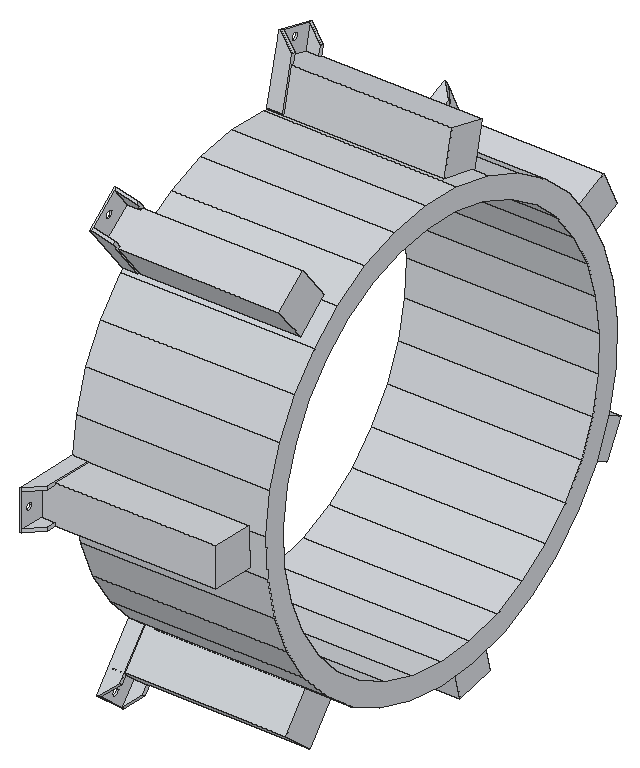
Revit family "HP400R", category Pipe Accessories, Revit 2021
Family settings
  Round Connector Dimension = Use Diameter
  Part Type = Breaks Into
  Work Plane-Based = No
  Always vertical = No
  Cut with Voids When Loaded = No
  Shared = No
Parameters
  URL = "https://www.snapcollars.com.au/"
  Model = "HP400R"
  Manufacturer = "Snap Fire Systems"
  Description = "The HP400R is a metal, retro-fit fire collar for concrete floor slabs and fire rated plasterboard, masonry and concrete walls."
  Default Elevation = 0 mm
Reference planes
  plane 1 "Center (Front/Back)": y = 0
  plane 2: z = 0
  plane 3 "Center (Left/Right)": x = -139.129
  plane 4: x = -230
  plane 5: x = -208.636
  plane 6: x = -210
Forms (mm)
  Extrusion 1, solid, material "PVC-White", not visible, detail levels fine
    sketch origin (0, 0, 0) x (1, 0, 0) y (0, 0, 1)
      loop
        line (-80, 60.418) -> (-227.967, 86.048) -> (-227.967, 69.12) -> (-80, 60.418)
    from -1.5 to 1.5
  Extrusion 2, solid, material "PVC-White", not visible, detail levels fine
    sketch origin (0, 0, 0) x (1, 0, 0) y (0, -0.5, 0.866025)
      loop
        line (-80, 60.418) -> (-227.967, 86.048) -> (-227.967, 69.12) -> (-80, 60.418)
    from -1.5 to 1.5
  Extrusion 3, solid, material "PVC-White", not visible, detail levels fine
    sketch origin (0, 0, 0) x (1, 0, 0) y (0, -0.866025, 0.5)
      loop
        line (-80, 60.418) -> (-227.967, 86.048) -> (-227.967, 69.12) -> (-80, 60.418)
    from -1.5 to 1.5
  Extrusion 4, solid, material "PVC-White", not visible, detail levels fine
    sketch origin (0, 0, 0) x (0, -1, 0) y (-1, 0, 0)
      loop
        line (60.418, 80) -> (86.048, 227.967) -> (69.12, 227.967) -> (60.418, 80)
    from -1.5 to 1.5
  Extrusion 5, solid, material "PVC-White", not visible, detail levels fine
    sketch origin (0, 0, 0) x (1, 0, 0) y (0, -0.866025, -0.5)
      loop
        line (-80, 60.418) -> (-227.967, 86.048) -> (-227.967, 69.12) -> (-80, 60.418)
    from -1.5 to 1.5
  Extrusion 6, solid, material "PVC-White", not visible, detail levels fine
    sketch origin (0, 0, 0) x (1, 0, 0) y (0, -0.5, -0.866025)
      loop
        line (-80, 60.418) -> (-227.967, 86.048) -> (-227.967, 69.12) -> (-80, 60.418)
    from -1.5 to 1.5
  Extrusion 7, solid, material "PVC-White", not visible, detail levels fine
    sketch origin (0, 0, 0) x (1, 0, 0) y (0, 0, -1)
      loop
        line (-80, 60.418) -> (-227.967, 86.048) -> (-227.967, 69.12) -> (-80, 60.418)
    from -1.5 to 1.5
  Extrusion 8, solid, material "PVC-White", not visible, detail levels fine
    sketch origin (0, 0, 0) x (1, 0, 0) y (0, 0.5, -0.866025)
      loop
        line (-80, 60.418) -> (-227.967, 86.048) -> (-227.967, 69.12) -> (-80, 60.418)
    from -1.5 to 1.5
  Extrusion 9, solid, material "PVC-White", not visible, detail levels fine
    sketch origin (0, 0, 0) x (1, 0, 0) y (0, 0.866025, -0.5)
      loop
        line (-80, 60.418) -> (-227.967, 86.048) -> (-227.967, 69.12) -> (-80, 60.418)
    from -1.5 to 1.5
  Extrusion 10, solid, material "PVC-White", not visible, detail levels fine
    sketch origin (0, 0, 0) x (1, 0, 0) y (0, 1, 0)
      loop
        line (-80, 60.418) -> (-227.967, 86.048) -> (-227.967, 69.12) -> (-80, 60.418)
    from -1.5 to 1.5
  Extrusion 11, solid, material "PVC-White", not visible, detail levels fine
    sketch origin (0, 0, 0) x (1, 0, 0) y (0, 0.866025, 0.5)
      loop
        line (-80, 60.418) -> (-227.967, 86.048) -> (-227.967, 69.12) -> (-80, 60.418)
    from -1.5 to 1.5
  Extrusion 12, solid, material "PVC-White", not visible, detail levels fine
    sketch origin (0, 0, 0) x (1, 0, 0) y (0, 0.5, 0.866025)
      loop
        line (-80, 60.418) -> (-227.967, 86.048) -> (-227.967, 69.12) -> (-80, 60.418)
    from -1.5 to 1.5
  Extrusion 13, solid
    sketch origin (-230, 2000, 1200) x (0, 1, 0) y (0, 0, 1)
      loop
        line (-2020.546, -971.714) -> (-2060.978, -979.052) -> (-2099.45, -993.49) -> (-2134.725, -1014.567) -> (-2165.671, -1041.603) -> (-2191.291, -1073.73) -> (-2210.763, -1109.915) -> (-2223.462, -1148.996) -> (-2228.978, -1189.717) -> (-2227.134, -1230.767) -> (-2217.99, -1270.829) -> (-2201.84, -1308.615) -> (-2179.202, -1342.909) -> (-2150.805, -1372.61) -> (-2117.561, -1396.764) -> (-2080.538, -1414.593) -> (-2040.927, -1425.525) -> (-2000, -1429.208) -> (-1959.073, -1425.525) -> (-1919.462, -1414.593) -> (-1882.439, -1396.764) -> (-1849.195, -1372.61) -> (-1820.798, -1342.909) -> (-1798.16, -1308.615) -> (-1782.01, -1270.829) -> (-1772.866, -1230.767) -> (-1771.022, -1189.717) -> (-1776.538, -1148.996) -> (-1789.237, -1109.915) -> (-1808.709, -1073.73) -> (-1834.329, -1041.603) -> (-1865.275, -1014.567) -> (-1900.55, -993.49) -> (-1939.022, -979.052) -> (-1979.454, -971.714) -> (-2020.546, -971.714)
      loop
        line (-2018.553, -993.863) -> (-2055.062, -1000.489) -> (-2089.801, -1013.527) -> (-2121.654, -1032.558) -> (-2149.597, -1056.971) -> (-2172.732, -1085.981) -> (-2190.315, -1118.656) -> (-2201.781, -1153.945) -> (-2206.762, -1190.714) -> (-2205.097, -1227.782) -> (-2196.84, -1263.957) -> (-2182.257, -1298.077) -> (-2161.816, -1329.044) -> (-2136.174, -1355.863) -> (-2106.155, -1377.673) -> (-2072.724, -1393.772) -> (-2036.956, -1403.644) -> (-2000, -1406.97) -> (-1963.044, -1403.644) -> (-1927.276, -1393.772) -> (-1893.845, -1377.673) -> (-1863.826, -1355.863) -> (-1838.184, -1329.044) -> (-1817.743, -1298.077) -> (-1803.16, -1263.957) -> (-1794.903, -1227.782) -> (-1793.238, -1190.714) -> (-1798.219, -1153.945) -> (-1809.685, -1118.656) -> (-1827.268, -1085.981) -> (-1850.403, -1056.971) -> (-1878.346, -1032.558) -> (-1910.199, -1013.527) -> (-1944.938, -1000.489) -> (-1981.447, -993.863) -> (-2018.553, -993.863)
    from 0 to 202
  Extrusion 14, solid, not visible
    sketch origin (-230, 23.225, 34.758) x (0, -0.92388, 0.382683) y (1, 0, 0)
      loop
        line (16.311, 91) -> (0, 91) -> (0, 65) -> (16.311, 65) -> (16.311, 91)
    from 0 to 3
  Extrusion 15, solid, not visible
    sketch origin (-230, 24.373, 37.53) x (0, -0.92388, 0.382683) y (1, 0, 0)
      loop
        line (16.311, 91) -> (0, 91) -> (0, 88) -> (16.311, 88) -> (16.311, 91)
    from 0 to 21
  Extrusion 16, solid, not visible
    sketch origin (-230, 29.556, 29.418) x (0, -0.828512, 0.559971) y (1, 0, 0)
      loop
        line (16.311, 91) -> (0, 91) -> (0, 65) -> (16.311, 65) -> (16.311, 91)
    from 0 to 3
  Extrusion 17, solid, not visible
    sketch origin (-230, 31.236, 31.904) x (0, -0.828512, 0.559971) y (1, 0, 0)
      loop
        line (16.311, 91) -> (0, 91) -> (0, 88) -> (16.311, 88) -> (16.311, 91)
    from 0 to 21
  Extrusion 18, solid, not visible
    sketch origin (-230, -15.852, 38.571) x (0, -0.83464, -0.550797) y (1, 0, 0)
      loop
        line (16.311, 91) -> (0, 91) -> (0, 65) -> (16.311, 65) -> (16.311, 91)
    from 0 to 3
  Extrusion 19, solid, not visible
    sketch origin (-230, -17.504, 41.075) x (0, -0.83464, -0.550797) y (1, 0, 0)
      loop
        line (16.311, 91) -> (0, 91) -> (0, 88) -> (16.311, 88) -> (16.311, 91)
    from 0 to 21
  Extrusion 20, solid, not visible
    sketch origin (-230, 29.261, -29.712) x (0, 0.564361, 0.825528) y (1, 0, 0)
      loop
        line (16.311, 91) -> (0, 91) -> (0, 65) -> (16.311, 65) -> (16.311, 91)
    from 0 to 3
  Extrusion 21, solid, not visible
    sketch origin (-230, 31.738, -31.405) x (0, 0.564361, 0.825528) y (1, 0, 0)
      loop
        line (16.311, 91) -> (0, 91) -> (0, 88) -> (16.311, 88) -> (16.311, 91)
    from 0 to 21
  Extrusion 22, solid, not visible
    sketch origin (-230, -38.657, -15.64) x (0, 0.54621, -0.837649) y (1, 0, 0)
      loop
        line (16.311, 91) -> (0, 91) -> (0, 65) -> (16.311, 65) -> (16.311, 91)
    from 0 to 3
  Extrusion 23, solid, not visible
    sketch origin (-230, -41.17, -17.279) x (0, 0.54621, -0.837649) y (1, 0, 0)
      loop
        line (16.311, 91) -> (0, 91) -> (0, 88) -> (16.311, 88) -> (16.311, 91)
    from 0 to 21
  Extrusion 24, solid
    sketch origin (0, -210.856, -5.267) x (0, -1, 0) y (-1, 0, 0)
      loop
        line (17.886, 213.793) -> (70.117, 213.793) -> (86.118, 228.024) -> (86.118, 230) -> (78, 230) -> (17.886, 230) -> (17.886, 213.793)
    from -21 to 21
  Extrusion 25, void
    sketch origin (-228.024, -301.829, -5.267) x (0, 1, 0) y (0, 0, 1)
      loop
        circle (14, 0) r 4
    from -10.829 to 2.558
  Extrusion 26, solid, not visible
    sketch origin (0, 0, 41.882) x (1, 0, 0) y (0, 0, 1)
      loop
        line (-201.343, 54.118) -> (-201.343, 56.118) -> (-228.024, 56.118) -> (-228.024, 86.118) -> (-230, 86.118) -> (-230, 78) -> (-230, 54.118) -> (-201.343, 54.118)
    from -8 to 8
  Extrusion 27, void, not visible
    sketch origin (-228.024, 0, 132.882) x (0, 0, -1) y (0, 1, 0)
      loop
        circle (14, 0) r 4
    from -10.829 to 2.558
  Extrusion 28, solid
    sketch origin (0, -201.733, -5.267) x (0, -1, 0) y (-1, 0, 0)
      loop
        line (22.456, 46) -> (70, 46) -> (70, 230) -> (22.456, 230) -> (22.456, 46)
    from -20 to 20
  Extrusion 29, solid, not visible
    sketch origin (0, 46.803, 60.995) x (1, 0, 0) y (0, 0.608761, 0.793353)
      loop
        line (-201.343, 54.118) -> (-201.343, 56.118) -> (-228.024, 56.118) -> (-228.024, 86.118) -> (-230, 86.118) -> (-230, 78) -> (-230, 54.118) -> (-201.343, 54.118)
    from -8 to 8
  Extrusion 30, solid, not visible
    sketch origin (0, 37.134, 48.395) x (1, 0, 0) y (0, 0.608761, 0.793353)
      loop
        line (-168, 41) -> (-168, 70) -> (-230, 70) -> (-230, 41) -> (-168, 41)
    from -8.715 to 8.715
  Extrusion 31, solid, not visible
    sketch origin (0, 145.373, 152.821) x (1, 0, 0) y (0, 0.707107, 0.707107)
      loop
        line (-213.793, 17.886) -> (-213.793, 70.117) -> (-228.024, 86.118) -> (-230, 86.118) -> (-230, 78) -> (-230, 17.886) -> (-213.793, 17.886)
    from -21 to 21
  Extrusion 32, void, not visible
    sketch origin (-228.024, 209.701, 217.149) x (0, -0.707107, -0.707107) y (0, 0.707107, -0.707107)
      loop
        circle (14, 0) r 4
    from -10.829 to 2.558
  Extrusion 33, solid, not visible
    sketch origin (0, 138.923, 146.371) x (1, 0, 0) y (0, 0.707107, 0.707107)
      loop
        line (-46, 22.456) -> (-46, 70) -> (-230, 70) -> (-230, 22.456) -> (-46, 22.456)
    from -20 to 20
  Extrusion 34, solid
    sketch origin (0, -127.335, -168.148) x (1, 0, 0) y (0, -0.623425, -0.781883)
      loop
        line (-213.793, 17.886) -> (-213.793, 70.117) -> (-228.024, 86.118) -> (-230, 86.118) -> (-230, 78) -> (-230, 17.886) -> (-213.793, 17.886)
    from -21 to 21
  Extrusion 35, void
    sketch origin (-228.024, -184.05, -239.278) x (0, 0.623425, 0.781883) y (0, -0.781883, 0.623425)
      loop
        circle (14, 0) r 4
    from -10.829 to 2.558
  Extrusion 36, solid
    sketch origin (0, -121.648, -161.015) x (1, 0, 0) y (0, -0.623425, -0.781883)
      loop
        line (-46, 22.456) -> (-46, 70) -> (-230, 70) -> (-230, 22.456) -> (-46, 22.456)
    from -20 to 20
  Extrusion 37, solid
    sketch origin (0, 52.088, -204.389) x (1, 0, 0) y (0, 0.222683, -0.974891)
      loop
        line (-213.793, 17.886) -> (-213.793, 70.117) -> (-228.024, 86.118) -> (-230, 86.118) -> (-230, 78) -> (-230, 17.886) -> (-213.793, 17.886)
    from -21 to 21
  Extrusion 38, void
    sketch origin (-228.024, 72.346, -293.077) x (0, -0.222683, 0.974891) y (0, -0.974891, -0.222683)
      loop
        circle (14, 0) r 4
    from -10.829 to 2.558
  Extrusion 39, solid
    sketch origin (0, 50.057, -195.495) x (1, 0, 0) y (0, 0.222683, -0.974891)
      loop
        line (-46, 22.456) -> (-46, 70) -> (-230, 70) -> (-230, 22.456) -> (-46, 22.456)
    from -20 to 20
  Extrusion 40, solid
    sketch origin (0, 192.281, -86.694) x (1, 0, 0) y (0, 0.901077, -0.433659)
      loop
        line (-213.793, 17.886) -> (-213.793, 70.117) -> (-228.024, 86.118) -> (-230, 86.118) -> (-230, 78) -> (-230, 17.886) -> (-213.793, 17.886)
    from -21 to 21
  Extrusion 41, void
    sketch origin (-228.024, 274.255, -126.145) x (0, -0.901077, 0.433659) y (0, -0.433659, -0.901077)
      loop
        circle (14, 0) r 4
    from -10.829 to 2.558
  Extrusion 42, solid
    sketch origin (0, 184.061, -82.738) x (1, 0, 0) y (0, 0.901077, -0.433659)
      loop
        line (-46, 22.456) -> (-46, 70) -> (-230, 70) -> (-230, 22.456) -> (-46, 22.456)
    from -20 to 20
  Extrusion 43, solid
    sketch origin (0, 187.657, 96.294) x (1, 0, 0) y (0, 0.900825, 0.434183)
      loop
        line (-213.793, 17.886) -> (-213.793, 70.117) -> (-228.024, 86.118) -> (-230, 86.118) -> (-230, 78) -> (-230, 17.886) -> (-213.793, 17.886)
    from -21 to 21
  Extrusion 44, void
    sketch origin (-228.024, 269.608, 135.793) x (0, -0.900825, -0.434183) y (0, 0.434183, -0.900825)
      loop
        circle (14, 0) r 4
    from -10.829 to 2.558
  Extrusion 45, solid
    sketch origin (0, 179.44, 92.333) x (1, 0, 0) y (0, 0.900825, 0.434183)
      loop
        line (-46, 22.456) -> (-46, 70) -> (-230, 70) -> (-230, 22.456) -> (-46, 22.456)
    from -20 to 20
  Extrusion 46, void
    sketch origin (-230, -271.733, -5.267) x (-1, 0, 0) y (0, 0, 1)
      loop
        line (-39.858, -17.274) -> (-1.967, -17.274) -> (-1.967, 17.764) -> (-39.858, 17.764) -> (-39.858, -17.274)
    from -51.258 to 0
  Extrusion 47, void, not visible
    sketch origin (-230, 188.42, 195.868) x (-1, 0, 0) y (0, 0.707107, -0.707107)
      loop
        line (-39.858, -17.274) -> (-1.967, -17.274) -> (-1.967, 17.764) -> (-39.858, 17.764) -> (-39.858, -17.274)
    from -51.258 to 0
  Extrusion 48, void
    sketch origin (-230, -165.287, -215.747) x (-1, 0, 0) y (0, -0.781883, 0.623425)
      loop
        line (-39.858, -17.274) -> (-1.967, -17.274) -> (-1.967, 17.764) -> (-39.858, 17.764) -> (-39.858, -17.274)
    from -51.258 to 0
  Extrusion 49, void
    sketch origin (-230, 65.645, -263.737) x (-1, 0, 0) y (0, -0.974891, -0.222683)
      loop
        line (-39.858, -17.274) -> (-1.967, -17.274) -> (-1.967, 17.764) -> (-39.858, 17.764) -> (-39.858, -17.274)
    from -51.258 to 0
  Extrusion 50, void
    sketch origin (-230, 247.136, -113.094) x (-1, 0, 0) y (0, -0.433659, -0.901077)
      loop
        line (-39.858, -17.274) -> (-1.967, -17.274) -> (-1.967, 17.764) -> (-39.858, 17.764) -> (-39.858, -17.274)
    from -51.258 to 0
  Extrusion 51, void
    sketch origin (-230, 242.497, 122.726) x (-1, 0, 0) y (0, 0.434183, -0.900825)
      loop
        line (-39.858, -17.274) -> (-1.967, -17.274) -> (-1.967, 17.764) -> (-39.858, 17.764) -> (-39.858, -17.274)
    from -51.258 to 0
  Extrusion 52, solid
    sketch origin (0, 41.699, 206.758) x (1, 0, 0) y (0, 0.222116, 0.97502)
      loop
        line (-213.793, 17.886) -> (-213.793, 70.117) -> (-228.024, 86.118) -> (-230, 86.118) -> (-230, 78) -> (-230, 17.886) -> (-213.793, 17.886)
    from -21 to 21
  Extrusion 53, void
    sketch origin (-228.024, 61.906, 295.459) x (0, -0.222116, -0.97502) y (0, 0.97502, -0.222116)
      loop
        circle (14, 0) r 4
    from -10.829 to 2.558
  Extrusion 54, solid
    sketch origin (0, 39.673, 197.864) x (1, 0, 0) y (0, 0.222116, 0.97502)
      loop
        line (-46, 22.456) -> (-46, 70) -> (-230, 70) -> (-230, 22.456) -> (-46, 22.456)
    from -20 to 20
  Extrusion 55, void
    sketch origin (-230, 55.221, 266.115) x (-1, 0, 0) y (0, 0.97502, -0.222116)
      loop
        line (-39.858, -17.274) -> (-1.967, -17.274) -> (-1.967, 17.764) -> (-39.858, 17.764) -> (-39.858, -17.274)
    from -51.258 to 0
  Extrusion 56, solid
    sketch origin (0, -135.664, 161.502) x (1, 0, 0) y (0, -0.62388, 0.78152)
      loop
        line (-213.793, 17.886) -> (-213.793, 70.117) -> (-228.024, 86.118) -> (-230, 86.118) -> (-230, 78) -> (-230, 17.886) -> (-213.793, 17.886)
    from -21 to 21
  Extrusion 57, void
    sketch origin (-228.024, -192.421, 232.6) x (0, 0.62388, -0.78152) y (0, 0.78152, 0.62388)
      loop
        circle (14, 0) r 4
    from -10.829 to 2.558
  Extrusion 58, solid
    sketch origin (0, -129.973, 154.373) x (1, 0, 0) y (0, -0.62388, 0.78152)
      loop
        line (-46, 22.456) -> (-46, 70) -> (-230, 70) -> (-230, 22.456) -> (-46, 22.456)
    from -20 to 20
  Extrusion 59, void
    sketch origin (-230, -173.645, 209.079) x (-1, 0, 0) y (0, 0.78152, 0.62388)
      loop
        line (-39.858, -17.274) -> (-1.967, -17.274) -> (-1.967, 17.764) -> (-39.858, 17.764) -> (-39.858, -17.274)
    from -51.258 to 0
Cuts and joins
  Extrusion 46 cuts Extrusion 13
  Extrusion 25, Extrusion 35, Extrusion 46 cuts Extrusion 24
  Extrusion 46 cuts Extrusion 28
  Extrusion 35, Extrusion 48 cuts Extrusion 34
  Extrusion 48 cuts Extrusion 36
  Extrusion 38, Extrusion 49 cuts Extrusion 37
  Extrusion 49 cuts Extrusion 39
  Extrusion 41, Extrusion 50 cuts Extrusion 40
  Extrusion 50 cuts Extrusion 42
  Extrusion 44, Extrusion 51 cuts Extrusion 43
  Extrusion 51 cuts Extrusion 45
  joined: Extrusion 13, Extrusion 24, Extrusion 28, Extrusion 34, Extrusion 36, Extrusion 37, Extrusion 39, Extrusion 40, Extrusion 42, Extrusion 43, Extrusion 45
  Extrusion 53, Extrusion 55 cuts Extrusion 52
  Extrusion 55 cuts Extrusion 54
  joined: Extrusion 52, Extrusion 54
  Extrusion 57, Extrusion 59 cuts Extrusion 56
  Extrusion 59 cuts Extrusion 58
  joined: Extrusion 56, Extrusion 58
Lines and regions (mm)
  model lines
    curve 1: circle (-230, 0, 0) r 300 normal (1, 0, 0)
    curve 2: circle (-230, 0, 0) r 289 normal (1, 0, 0)
Dimensions and locks
  locked: plane 4 to plane 3 "Center (Left/Right)" at 90.871
  Extrusion 1 sketch curve to Extrusion 1 sketch curve = 0 mm
  Extrusion 2 sketch curve to Extrusion 2 sketch curve = 0 mm
  Extrusion 3 sketch curve to Extrusion 3 sketch curve = 0 mm
  Extrusion 4 sketch curve to Extrusion 4 sketch curve = 0 mm
  Extrusion 5 sketch curve to Extrusion 5 sketch curve = 0 mm
  Extrusion 6 sketch curve to Extrusion 6 sketch curve = 0 mm
  Extrusion 7 sketch curve to Extrusion 7 sketch curve = 0 mm
  Extrusion 8 sketch curve to Extrusion 8 sketch curve = 0 mm
  Extrusion 9 sketch curve to Extrusion 9 sketch curve = 0 mm
  Extrusion 10 sketch curve to Extrusion 10 sketch curve = 0 mm
  Extrusion 11 sketch curve to Extrusion 11 sketch curve = 0 mm
  Extrusion 12 sketch curve to Extrusion 12 sketch curve = 0 mm
  aligned and locked: level to plane 2
Connectors
  piping at (-210, 0, 0), diameter 412
    settings: on plane 6, index 4, connector inside diameter 609.6 mm, connector length 0 mm, flow factor 0, pipe flow 0.0 L/s, pressure drop 0.0 Pa, fitting loss kfactor 0, connector angle 0.00°, fixture units 0, engagement length 0 mm, angle of deflection 0.00°, flow configuration 0, flow direction 0, fitting loss method 0, system type 7, joint type 0, gender type 0, connector reference index -1, connector utility 0, adjustable connector no, is connector primary yes, connector description ""
  piping at (-208.636, 0, 0), diameter 412
    settings: on plane 5, index 5, connector inside diameter 609.6 mm, connector length 0 mm, flow factor 0, pipe flow 0.0 L/s, pressure drop 0.0 Pa, fitting loss kfactor 0, connector angle 0.00°, fixture units 0, engagement length 0 mm, angle of deflection 0.00°, flow configuration 0, flow direction 0, fitting loss method 0, system type 7, joint type 0, gender type 0, connector reference index -1, connector utility 0, adjustable connector no, is connector primary no, connector description ""
